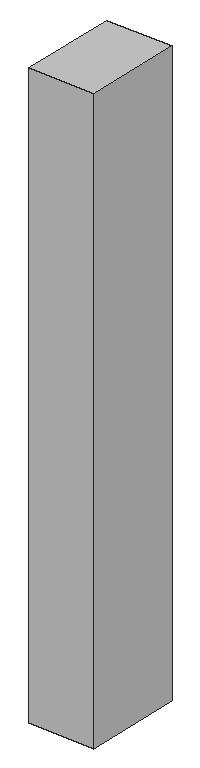
Revit family "133de9a6058847a2a1cdb45442810c3c", category Structural Columns, Revit 2021
Family settings
  Display in Hidden Views = Edges Hidden by Other Members
  Section Shape = Not Defined
  Material for Model Behavior = Concrete
  Always export as geometry = No
  Beam cutback in plan = From bounding box
  OmniClass Number = 23.25.30.11.14.11
  OmniClass Title = Columns
  Seek Item ID = Concrete-Rectangular-Column-0000-USA-ENU
  Cut with Voids When Loaded = No
  Symbolic Representation = From Family
  Shared = No
  Show family pre-cut in plan views = Yes
Parameters (values of type "12 x 18")
  Structural Material [instance] = Concrete, Cast-in-Place gray
  Assembly Code = "B10"
  b = 1' - 0"
  h = 1' - 6"
Types (4): name | b | h
  (no name) | 1' - 0" | 1' - 6"
  12 x 18 | 1' - 0" | 1' - 6"
  18 x 24 | 1' - 6" | 2' - 0"
  24 x 30 | 2' - 0" | 2' - 6"
Reference planes (in)
  plane 1 "Center (Front/Back)": y = 0
  plane 2: z = 0
  plane 3 "Center (Left/Right)": x = 0
  plane 4: x = -6
  plane 5: x = 6
  plane 6: y = 9
  plane 7: y = -9
Forms (in)
  Extrusion 1, solid, material "Concrete, Cast-in-Place gray" <- "Structural Material"
    sketch origin (0, 0, 0) x (1, 0, 0) y (0, 1, 0)
      loop
        line (-6, 9) -> (-6, -9) -> (6, -9) -> (6, 9) -> (-6, 9)
    from 0 to 108
Dimensions and locks (in)
  equal spacing: plane 4, plane 3 "Center (Left/Right)", plane 5
  equal spacing: plane 7, plane 1 "Center (Front/Back)", plane 6
  "h": plane 7 to plane 6
  "b": plane 4 to plane 5
  aligned and locked: plane 6 to Extrusion 1 sketch curve
  aligned and locked: Extrusion 1 sketch curve to plane 7
  aligned and locked: Extrusion 1 sketch curve to plane 4
  aligned and locked: plane 5 to Extrusion 1 sketch curve
  aligned and locked: level to Extrusion 1
  aligned and locked: level to plane 2
  aligned and locked: Extrusion 1 to plane 2
